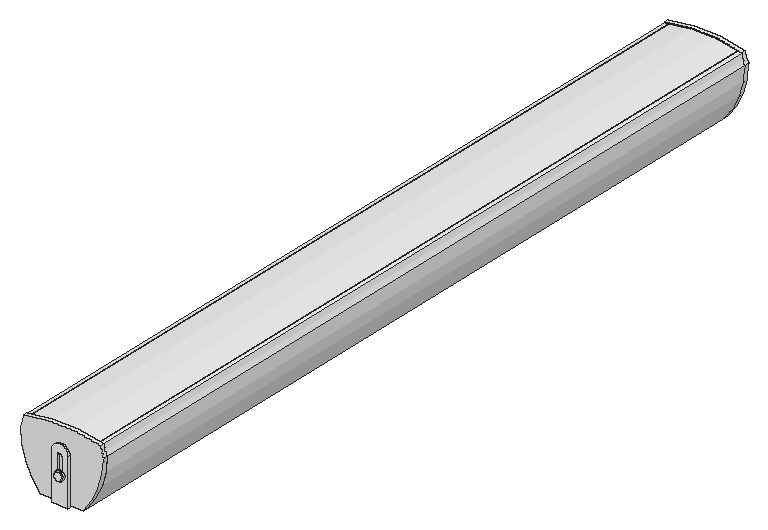
Revit family "Electronics_Desono_Biamp_Two-Way-Column-Loudspeaker_COLW81", category Communication Devices, host Face, Revit 2020
Family settings
  Host = Face
  Maintain Annotation Orientation = No
  Round Connector Dimension = Use Diameter
  Part Type = Normal
  OmniClass Number = 23.85.10.11.14.14.14
  OmniClass Title = Loudspeakers
  Cut with Voids When Loaded = No
  Shared = No
  Room Calculation Point = No
Parameters (values of type "COLW81")
  Width = 0' - 3.93701"  # constant formula
  Weight = 14.771 lbf  # constant formula
  URL = "https://www.biamp.com/"
  Transformer = "70V: 80W, 40W, 20W, 15W; 100V: 80W, 40W, 30W"  # constant formula
  Transducers = "LF 8 x 3.3 (84 mm) coated paper cone HF 1 x 1 (25 mm) soft dome"  # constant formula
  Shipping Weight = 15.60 lbf  # constant formula
  Rotate angle [instance] = 0.00°
  Recommended Amplifers = "80W - 160W @ 8Ω (25V - 36V)"  # constant formula
  Product data url = "https://www.bimobject.com/biamp/product/colw81_desono-column"
  Product Page URL = "https://www.biamp.com/products/product-families/desono/column-loudspeakers#colw81"
  Product Documentation Link = "https://downloads.biamp.com/assets/docs/default-source/data-sheets/biamp_data_sheet_desono_colw81_jun21.pdf"
  Operating Range (-10dB) = "165 Hz to 17 kHz"  # constant formula
  Operating Mode = "Passive"  # constant formula
  Operating Environment = "Indoor/Outdoor"  # constant formula
  Offset [instance] = 0' - 0"
  Nominal Sensitivity @ 1m = "1W - 97dB; 2.83V - 97dB"  # constant formula
  Nominal Maximum SPL @ 1m = "Peak - 122dB; Continuous - 116dB"  # constant formula
  Nominal Beamwidth (H x V) = "100° x 10°"  # constant formula
  Nom rotate angle [instance] = if(and(Nom offset = 0' 0", Rotate angle = 0.00°), 0.00°, if(and(Nom offset = 0' 0 5/128", or(Rotate angle < -5.00°, Rotate angle = -5.00°)), -5.00°, if(and(Nom offset = 0' 0 5/128", and(Rotate angle > -5.00°, Rotate angle < 5.00°)), Rotate angle, if(and(Nom offset = 0' 0 5/128", or(Rotate angle > 5.00°, Rotate angle = 5.00°)), 5.00°, if(and(and(Nom offset > 0' 0 5/128", Nom offset < 0' 0 5/32"), or(Rotate angle < -10.00°, Rotate angle = -10.00°)), -10.00°, if(and(and(Nom offset > 0' 0 5/128", Nom offset < 0' 0 5/32"), and(Rotate angle > -10.00°, Rotate angle < 10.00°)), Rotate angle, if(and(and(Nom offset > 0' 0 5/128", Nom offset < 0' 0 5/32"), or(Rotate angle > 10.00°, Rotate angle = 10.00°)), 10.00°, if(and(Nom offset = 0' 0 5/32", or(Rotate angle < -15.00°, Rotate angle = -15.00°)), -15.00°, if(and(Nom offset = 0' 0 5/32", and(Rotate angle > -15.00°, Rotate angle < 15.00°)), Rotate angle, if(and(Nom offset = 0' 0 5/32", or(Rotate angle > 15.00°, Rotate angle = 15.00°)), 15.00°, if(and(and(Nom offset > 0' 0 5/32", Nom offset < 0' 0 81/256"), or(Rotate angle < -20.00°, Rotate angle = -20.00°)), -20.00°, if(and(and(Nom offset > 0' 0 5/32", Nom offset < 0' 0 81/256"), and(Rotate angle > -20.00°, Rotate angle < 20.00°)), Rotate angle, if(and(and(Nom offset > 0' 0 5/32", Nom offset < 0' 0 81/256"), or(Rotate angle > 20.00°, Rotate angle = 20.00°)), 20.00°, if(and(Nom offset = 0' 0 81/256", or(Rotate angle < -25.00°, Rotate angle = -25.00°)), -25.00°, if(and(Nom offset = 0' 0 81/256", and(Rotate angle > -25.00°, Rotate angle < 25.00°)), Rotate angle, if(and(Nom offset = 0' 0 81/256", or(Rotate angle > 25.00°, Rotate angle = 25.00°)), 25.00°, if(and(Nom offset = 0' 0 91/256", or(Rotate angle < -60.00°, Rotate angle = -60.00°)), -60.00°, if(and(Nom offset = 0' 0 91/256", and(Rotate angle > -60.00°, Rotate angle < 60.00°)), Rotate angle, if(and(Nom offset = 0' 0 91/256", or(Rotate angle > 60.00°, Rotate angle = 60.00°)), 60.00°, if(and(Nom offset = 0' 0 101/256", or(Rotate angle < -65.00°, Rotate angle = -65.00°)), -65.00°, if(and(Nom offset = 0' 0 101/256", and(Rotate angle > -65.00°, Rotate angle < 65.00°)), Rotate angle, if(and(Nom offset = 0' 0 101/256", or(Rotate angle > 65.00°, Rotate angle = 65.00°)), 65.00°, if(and(Nom offset = 0' 0 111/256", or(Rotate angle < -70.00°, Rotate angle = -70.00°)), -70.00°, if(and(Nom offset = 0' 0 111/256", and(Rotate angle > -70.00°, Rotate angle < 70.00°)), Rotate angle, if(and(Nom offset = 0' 0 111/256", or(Rotate angle > 70.00°, Rotate angle = 70.00°)), 70.00°, if(and(Nom offset = 0' 0 121/256", or(Rotate angle < -75.00°, Rotate angle = -75.00°)), -75.00°, if(and(Nom offset = 0' 0 121/256", and(Rotate angle > -75.00°, Rotate angle < 75.00°)), Rotate angle, if(and(Nom offset = 0' 0 121/256", or(Rotate angle > 75.00°, Rotate angle = 75.00°)), 75.00°, if(and(and(Nom offset > 0' 0 121/256", Nom offset < 0' 0 151/256"), or(Rotate angle < -80.00°, Rotate angle = -80.00°)), -80.00°, if(and(and(Nom offset > 0' 0 121/256", Nom offset < 0' 0 151/256"), and(Rotate angle > -80.00°, Rotate angle < 80.00°)), Rotate angle, if(and(and(Nom offset > 0' 0 121/256", Nom offset < 0' 0 151/256"), or(Rotate angle > 80.00°, Rotate angle = 80.00°)), 80.00°, if(and(and(Nom offset > 0' 0 141/256", Nom offset < 0' 0 181/256"), or(Rotate angle < -85.00°, Rotate angle = -85.00°)), -85.00°, if(and(and(Nom offset > 0' 0 141/256", Nom offset < 0' 0 181/256"), and(Rotate angle > -85.00°, Rotate angle < 85.00°)), Rotate angle, if(and(and(Nom offset > 0' 0 141/256", Nom offset < 0' 0 181/256"), or(Rotate angle > 85.00°, Rotate angle = 85.00°)), 85.00°, if(and(and(Nom offset > 0' 0 171/256", Nom offset < 0' 0 209/256"), or(Rotate angle < -90.00°, Rotate angle = -90.00°)), -90.00°, if(and(and(Nom offset > 0' 0 171/256", Nom offset < 0' 0 209/256"), and(Rotate angle > -90.00°, Rotate angle < 90.00°)), Rotate angle, if(and(and(Nom offset > 0' 0 171/256", Nom offset < 0' 0 209/256"), or(Rotate angle > 90.00°, Rotate angle = 90.00°)), 90.00°, 0.00°)))))))))))))))))))))))))))))))))))))  # 0.00°
  Nom offset [instance] = if(or(Offset < 0' 0", Offset = 0' 0"), 0' 0", if(and(Offset > 0' 0", Offset < 0' 0 13/16"), Offset, if(or(Offset > 0' 0 13/16", Offset = 0' 0 13/16"), 0' 0 13/16", 0' 0")))  # 0' - 0"
  Mounting Provisions = "Adjustable tilt L-bracket"  # constant formula
  Model = "COLW81"  # constant formula
  Manufacturer = "Biamp"  # constant formula
  Input Connection = "Multi-position pass-through, screw-down terminal block"  # constant formula
  Housing Material = Biamp - Plastic - White
  Height = 3' - 2.34646"  # constant formula
  Grill Material = Biamp - Plastic - White(Grid)
  Environmental = "IP66 per IEC 60529"  # constant formula
  Description = "Desono™ COLW81 Two-Way 8 x 3.3 Column Loudspeaker"  # constant formula
  Depth = 0' - 3.26772"  # constant formula
  Default Elevation = 4' - 0"
  Controls = "None; select transformer tap or low impedance input via terminal block wiring"  # constant formula
  Continuous Power Handling Nominal Impedance = "25V; 80W @ 8Ω (320W peak)"  # constant formula
  Connector Description = "Terminal block; Low impedance 8 ohms, 70V/100V operation"  # constant formula
  Bracket Material = Biamp - Metal - White
Reference planes (in)
  plane 1 "Center (Front/Back)": y = 0
  plane 2: z = 0
  plane 3 "Center (Left/Right)": x = 0
  plane 4: z = 1.28516
  plane 5: z = 1.28516
Forms (in)
  Sweep 1, solid, material "Biamp - Metal - White" <- "Bracket Material", detail levels coarse
    path origin (0, 0, 0) x (1, 0, 0) y (0, 1, 0)
      loop
        line (0.3937, 0) -> (-0.3937, 0)
    profile origin (0, 0, 0) x (0, -1, 0) y (0, 0, 1)
      loop
        line (-19.29134, 0) -> (-16.22047, 0) -> (-16.22047, 0.07874) -> (-19.2126, 0.07874) -> (-19.2126, 2.61565) -> (-19.29134, 2.61565) -> (-19.29134, 0)
      loop
        line (19.29134, 0) -> (19.29134, 2.61565) -> (19.2126, 2.61565) -> (19.2126, 0.07874) -> (16.22047, 0.07874) -> (16.22047, 0) -> (19.29134, 0)
  Sweep 2, solid, material "Biamp - Metal - White" <- "Bracket Material", detail levels medium+fine
    path origin (0, 0, 0) x (1, 0, 0) y (0, 1, 0)
      loop
        line (0.3937, 0) -> (-0.3937, 0)
    profile origin (0, 0, 0) x (0, -1, 0) y (0, 0, 1)
      loop
        line (-19.29134, 0) -> (-16.22047, 0) -> (-16.22047, 0.07874) -> (-19.2126, 0.07874) -> (-19.2126, 2.61565) -> (-19.29134, 2.61565) -> (-19.29134, 0)
      loop
        line (19.29134, 0) -> (19.29134, 2.61565) -> (19.2126, 2.61565) -> (19.2126, 0.07874) -> (16.22047, 0.07874) -> (16.22047, 0) -> (19.29134, 0)
  Sweep 3, void
    path origin (0, 0, 0) x (1, 0, 0) y (0, 1, 0)
      loop
        line (0, -19.37008) -> (0, 19.37008)
    profile origin (0, 0, 0) x (-1, 0, 0) y (0, 0, 1)
      loop
        line (0.3937, 2.22195) -> (0.7874, 2.73406) -> (-0.7874, 2.73406) -> (-0.3937, 2.22195)
        arc (-0.3937, 2.22195) -> (0, 2.61565) -> (0.3937, 2.22195) r 0.3937
  Sweep 4, void
    path origin (0, 0, 0) x (1, 0, 0) y (0, 1, 0)
      loop
        line (0, -19.37008) -> (0, 19.37008)
    profile origin (0, 0, 0) x (-1, 0, 0) y (0, 0, 1)
      loop
        line (0.11834, 1.25419) -> (0.11834, 2.12889)
        arc (0.11834, 2.12889) -> (0, 2.24723) -> (-0.11834, 2.12889) r 0.11834
        line (-0.11834, 2.12889) -> (-0.11834, 1.25419)
        arc (-0.11834, 1.25419) -> (0, 1.13584) -> (0.11834, 1.25419) r 0.11834
  Revolve 5, solid, material "Biamp - Metal - White" <- "Bracket Material"
    sketch origin (0, 0, 0) x (0, 1, 0) y (0, 0, 1)
      loop
        line (19.07191, 1.28516) -> (19.35827, 1.28516) -> (19.35827, 1.50524) -> (19.29134, 1.50524) -> (19.29134, 1.34602) -> (19.07191, 1.34602) -> (19.07191, 1.28516)
      loop
        line (-19.07191, 1.28516) -> (-19.07191, 1.34602) -> (-19.29134, 1.34602) -> (-19.29134, 1.50524) -> (-19.35827, 1.50524) -> (-19.35827, 1.28516) -> (-19.07191, 1.28516)
      axis (-19.35827, 1.28516) -> (19.35827, 1.28516)
    angle from 0 to 360
  Sweep 6, solid, material "Biamp - Metal - White" <- "Bracket Material", detail levels medium+fine
    path origin (0, 11.22047, 0) x (0, 1, 0) y (0, 0, 1)
      loop
        line (8.13779, 1.28516) -> (8.21091, 1.28516)
    profile origin (0, 19.39483, 1.28516) x (0, 0, 1) y (1, 0, 0)
      loop
        line (0.05002, 0.18667) -> (-0.13665, 0.13665) -> (-0.18667, -0.05002) -> (-0.05002, -0.18667) -> (0.13665, -0.13665) -> (0.18667, 0.05002) -> (0.05002, 0.18667)
  Sweep 7, solid, material "Biamp - Metal - White" <- "Bracket Material", detail levels medium+fine
    path origin (0, -11.22047, 0) x (0, -1, 0) y (0, 0, 1)
      loop
        line (8.13779, 1.28516) -> (8.21091, 1.28516)
    profile origin (0, -19.39483, 1.28516) x (0, 0, -1) y (1, 0, 0)
      loop
        line (-0.05002, 0.18667) -> (-0.18667, 0.05002) -> (-0.13665, -0.13665) -> (0.05002, -0.18667) -> (0.18667, -0.05002) -> (0.13665, 0.13665) -> (-0.05002, 0.18667)
Cuts and joins
  Sweep 3, Sweep 4 cuts Sweep 2
  Sweep 4 cuts Sweep 1
Lines and regions (in)
  Masking region 1
    outline origin (0, 0, 0) x (1, 0, 0) y (0, 0, 1)
      loop
        line (-0.3937, 0) -> (0.3937, 0) -> (0.3937, 2.22195)
        arc (0.3937, 2.22195) -> (0, 2.61565) -> (-0.3937, 2.22195) r 0.3937
        line (-0.3937, 2.22195) -> (-0.3937, 0)
      loop
        line (0.11834, 1.25419) -> (0.11834, 2.12889)
        arc (0.11834, 2.12889) -> (0, 2.24723) -> (-0.11834, 2.12889) r 0.11834
        line (-0.11834, 2.12889) -> (-0.11834, 1.25419)
        arc (-0.11834, 1.25419) -> (0, 1.13584) -> (0.11834, 1.25419) r 0.11834
  Masking region 2
    outline origin (0, 8.52362, 0) x (1, 0, 0) y (0, 1, 0)
      loop
        line (-0.3937, 10.84646) -> (-0.3937, 7.77559) -> (0.3937, 7.77559) -> (0.3937, 10.84646) -> (-0.3937, 10.84646)
      loop
        line (-0.3937, -27.8937) -> (0.3937, -27.8937) -> (0.3937, -24.82283) -> (-0.3937, -24.82283) -> (-0.3937, -27.8937)
  Masking region 3
    outline origin (0, 0, 0) x (1, 0, 0) y (0, 0, 1)
      loop
        circle (0, 1.28516) r 0.22008
  reference lines
    curve 1: line (0, 0, 1.28516) -> (0, 0, 4.82846)
Dimensions and locks (in)
  Masking region 1 sketch curve to Masking region 1 sketch curve = 0' - 2.22195"
  plane 2 to Masking region 1 sketch curve = 0' - 1.25419"
  "Nom offset": plane 4 to plane 5
  "Nom rotate angle": angle curve 1 to plane 3 "Center (Left/Right)"
  aligned and locked: plane 2 to host face
  aligned and locked: level to host face
  aligned and locked: plane 3 "Center (Left/Right)" to curve 1
  aligned and locked: plane 4 to curve 1
  aligned and locked: Sweep 7 sketch curve to plane 4
Automatic sketch dimensions
  host sketch curve to host sketch curve = 8' - 0"  (x2)
  plane 1 "Center (Front/Back)" to Sweep 1 sketch curve = 0' - 0"
  Sweep 1 sketch curve to plane 3 "Center (Left/Right)" = 0' - 0.3937"
  plane 3 "Center (Left/Right)" to Sweep 1 sketch curve = 0' - 0.3937"
  level to Sweep 1 sketch curve = 0' - 0"
  Sweep 1 sketch curve to level = 0' - 0"
  level to Sweep 1 sketch curve = 0' - 2.61565"
  profile plane to Sweep 1 sketch curve = 1' - 7.29134"
  Sweep 1 sketch curve to Sweep 1 sketch curve = 0' - 0.07874"  (x2)
  level to Sweep 1 sketch curve = 0' - 0.07874"  (x2)
  Sweep 1 sketch curve to Sweep 1 sketch curve = 0' - 2.99213"  (x2)
  Sweep 1 sketch curve to profile plane = 1' - 4.22047"
  Sweep 1 sketch curve to Sweep 1 sketch curve = 0' - 2.53691"
  plane 1 "Center (Front/Back)" to Sweep 2 sketch curve = 0' - 0"
  Sweep 2 sketch curve to plane 3 "Center (Left/Right)" = 0' - 0.3937"
  plane 3 "Center (Left/Right)" to Sweep 2 sketch curve = 0' - 0.3937"
  Sweep 2 sketch curve to level = 0' - 0"  (x2)
  level to Sweep 2 sketch curve = 0' - 2.61565"
  profile plane to Sweep 2 sketch curve = 1' - 7.29134"
  Sweep 2 sketch curve to Sweep 2 sketch curve = 0' - 0.07874"  (x2)
  level to Sweep 2 sketch curve = 0' - 0.07874"  (x2)
  Sweep 2 sketch curve to Sweep 2 sketch curve = 0' - 2.99213"  (x2)
  Sweep 2 sketch curve to profile plane = 1' - 4.22047"
  Sweep 2 sketch curve to Sweep 2 sketch curve = 0' - 2.53691"
  Sweep 3 sketch curve to profile plane = 0' - 0"
  profile plane to Sweep 3 sketch curve = 0' - 0.3937"
  Sweep 3 sketch curve to Sweep 3 sketch curve = 0' - 0.3937"  (x2)
  level to Sweep 3 sketch curve = 0' - 2.22195"
  Sweep 3 sketch curve to Sweep 3 sketch curve = 0' - 0.51211"
  Sweep 4 sketch curve to plane 3 "Center (Left/Right)" = 0' - 0"
  plane 1 "Center (Front/Back)" to Sweep 4 sketch curve = 1' - 7.37008"
  Sweep 4 sketch curve to plane 1 "Center (Front/Back)" = 1' - 7.37008"
  Sweep 4 sketch curve to profile plane = 0' - 0"
  profile plane to Sweep 4 sketch curve = 0' - 0.11834"
  level to Sweep 4 sketch curve = 0' - 1.25419"
  Sweep 4 sketch curve to Sweep 4 sketch curve = 0' - 0.8747"
  Revolve 5 sketch curve to plane 4 = 0' - 0"  (x3)
  plane 1 "Center (Front/Back)" to Revolve 5 sketch curve = 1' - 7.35827"
  Revolve 5 sketch curve to Revolve 5 sketch curve = 0' - 0.06693"  (x2)
  Revolve 5 sketch curve to Revolve 5 sketch curve = 0' - 0.21943"  (x2)
  Revolve 5 sketch curve to plane 1 "Center (Front/Back)" = 1' - 7.07191"
  plane 4 to Revolve 5 sketch curve = 0' - 0.06086"  (x2)
  Revolve 5 sketch curve to Revolve 5 sketch curve = 0' - 0.15922"  (x2)
  Revolve 5 sketch curve to Revolve 5 sketch curve = 0' - 11.35538"
  Revolve 5 sketch curve to Revolve 5 sketch curve = 0' - 11.05118"
  Sweep 6 sketch curve to plane 4 = 0' - 0"
  Sweep 6 sketch curve to plane 1 "Center (Front/Back)" = 1' - 7.35827"
  Sweep 6 sketch curve to Sweep 6 sketch curve = 0' - 0.07312"
  Sweep 6 sketch curve to plane 3 "Center (Left/Right)" = 0' - 0.05002"
  profile plane to Sweep 6 sketch curve = 0' - 0.18667"
  profile plane to Sweep 6 sketch curve = 0' - 0.13665"
  profile plane to Sweep 6 sketch curve = 0' - 0.05002"
  Sweep 6 sketch curve to profile plane = 0' - 0.05002"
  Sweep 6 sketch curve to profile plane = 0' - 0.13665"
  plane 3 "Center (Left/Right)" to Sweep 6 sketch curve = 0' - 0.05002"
  Sweep 6 sketch curve to profile plane = 0' - 0.18667"
  Sweep 6 sketch curve to plane 3 "Center (Left/Right)" = 0' - 0.13665"
  Sweep 6 sketch curve to plane 3 "Center (Left/Right)" = 0' - 0.18667"
  plane 3 "Center (Left/Right)" to Sweep 6 sketch curve = 0' - 0.13665"
  plane 3 "Center (Left/Right)" to Sweep 6 sketch curve = 0' - 0.18667"
  Sweep 7 sketch curve to plane 1 "Center (Front/Back)" = 1' - 7.35827"
  Sweep 7 sketch curve to Sweep 7 sketch curve = 0' - 0.07312"
  plane 3 "Center (Left/Right)" to Sweep 7 sketch curve = 0' - 0.05002"
  profile plane to Sweep 7 sketch curve = 0' - 0.18667"
  profile plane to Sweep 7 sketch curve = 0' - 0.13665"
  profile plane to Sweep 7 sketch curve = 0' - 0.05002"
  Sweep 7 sketch curve to profile plane = 0' - 0.05002"
  Sweep 7 sketch curve to profile plane = 0' - 0.13665"
  Sweep 7 sketch curve to plane 3 "Center (Left/Right)" = 0' - 0.05002"
  Sweep 7 sketch curve to profile plane = 0' - 0.18667"
  Sweep 7 sketch curve to plane 3 "Center (Left/Right)" = 0' - 0.13665"
  Sweep 7 sketch curve to plane 3 "Center (Left/Right)" = 0' - 0.18667"
  plane 3 "Center (Left/Right)" to Sweep 7 sketch curve = 0' - 0.13665"
  plane 3 "Center (Left/Right)" to Sweep 7 sketch curve = 0' - 0.18667"
  Masking region 1 sketch curve to level = 0' - 0"
  Masking region 1 sketch curve to plane 3 "Center (Left/Right)" = 0' - 0.3937"
  Masking region 1 sketch curve to plane 3 "Center (Left/Right)" = 0' - 0"  (x2)
  Sweep 3 sketch curve to plane 3 "Center (Left/Right)" = 0' - 0"
  plane 1 "Center (Front/Back)" to Sweep 3 sketch curve = 1' - 7.37008"
  Sweep 3 sketch curve to plane 1 "Center (Front/Back)" = 1' - 7.37008"
  Masking region 2 sketch curve to plane 3 "Center (Left/Right)" = 0' - 0.3937"  (x2)
  plane 3 "Center (Left/Right)" to Masking region 2 sketch curve = 0' - 0.3937"  (x2)
  plane 1 "Center (Front/Back)" to Masking region 2 sketch curve = 1' - 7.37008"
  Masking region 2 sketch curve to Masking region 2 sketch curve = 0' - 3.07087"  (x2)
  Masking region 2 sketch curve to plane 1 "Center (Front/Back)" = 1' - 4.29921"
  Masking region 1 sketch curve to Masking region 1 sketch curve = 0' - 0.11834"
  Masking region 1 sketch curve to Masking region 1 sketch curve = 0' - 0.09306"
  Masking region 3 sketch curve to plane 3 "Center (Left/Right)" = 0' - 0"
  Masking region 3 sketch curve to plane 4 = 0' - 0"
  radius of Masking region 3 sketch curve = 0' - 0.22008"
Nested families (in)
  nested 1: "COLW81" at (0, 0, 0.09596), Housing Material <- "Housing Material", Grill <- "Grill Material", type "COLW81"
    with Housing Material Biamp - Plastic - White, Grill Biamp - Plastic - White(Grid)
Connectors (in)
  electrical at (0.00001, -12.30315, 0.14318), driven by "Connector Description"
    settings: on nested 1, index 1, voltage 0 V, apparent load 0 VA, apparent load phase1 0 VA, apparent load phase2 0 VA, apparent load phase3 0 VA, power factor 1, load classification "Other", number of poles 1, system type 5, power factor state 1, is connector primary yes, connector utility no, sub classification motor no, connector description "Terminal block; Low impedance 8 ohms, 70V/100V operation"
Definition of nested family "COLW81"
  Parameters (values of type "COLW81")
    Housing Material [instance] = none
    Grill [instance] = none
    Default Elevation = 4' - 0"
  Reference planes (in)
    plane 1 "Center (Front/Back)": y = 0
    plane 2: z = 0
    plane 3 "Center (Left/Right)": x = 0
  Forms (in)
    Extrusion 1, solid, material <- "Housing Material", detail levels medium+fine
      sketch origin (0, 0, 0) x (1, 0, 0) y (0, 0, 1)
        loop
          arc (1.9773, 2.53036) -> (1.88361, 2.76863) -> (1.8368, 3.02034) r 1.34432
          arc (1.8368, 3.02034) -> (0, 3.25102) -> (-1.8368, 3.02034) r 7.42829
          arc (-1.8368, 3.02034) -> (-1.88361, 2.76863) -> (-1.9773, 2.53036) r 1.34432
          arc (-1.9773, 2.53036) -> (-1.73064, 1.17745) -> (-1.02013, 0) r 3.81351
          line (-1.02013, 0) -> (1.02013, 0)
          arc (1.02013, 0) -> (1.73064, 1.17745) -> (1.9773, 2.53036) r 3.81351
      from -18.97638 to 18.97638
    Extrusion 2, solid, material <- "Housing Material", detail levels medium+fine
      sketch origin (0, 0, 0) x (1, 0, 0) y (0, 0, 1)
        loop
          arc (1.9773, 2.53036) -> (1.87854, 2.7868) -> (1.83399, 3.05797) r 1.34432
          arc (1.83399, 3.05797) -> (0, 3.28793) -> (-1.83399, 3.05797) r 7.42829
          arc (-1.83399, 3.05797) -> (-1.87854, 2.7868) -> (-1.9773, 2.53036) r 1.34432
          arc (-1.9773, 2.53036) -> (-1.73064, 1.17745) -> (-1.02013, 0) r 3.81351
          line (-1.02013, 0) -> (1.02013, 0)
          arc (1.02013, 0) -> (1.73064, 1.17745) -> (1.9773, 2.53036) r 3.81351
      from 18.97638 to 19.17323
    Extrusion 3, solid, material <- "Housing Material", detail levels medium+fine
      sketch origin (0, 0, 0) x (1, 0, 0) y (0, 0, 1)
        loop
          line (-1.02013, 0) -> (1.02013, 0)
          arc (1.02013, 0) -> (1.73064, 1.17745) -> (1.9773, 2.53036) r 3.81351
          arc (1.9773, 2.53036) -> (1.87854, 2.7868) -> (1.83399, 3.05797) r 1.34432
          arc (1.83399, 3.05797) -> (0, 3.28793) -> (-1.83399, 3.05797) r 7.42829
          arc (-1.83399, 3.05797) -> (-1.87854, 2.7868) -> (-1.9773, 2.53036) r 1.34432
          arc (-1.9773, 2.53036) -> (-1.73064, 1.17745) -> (-1.02013, 0) r 3.81351
      from -19.17323 to -18.97638
    Extrusion 4, solid, material <- "Housing Material", detail levels coarse
      sketch origin (0, 0, 0) x (1, 0, 0) y (0, 0, 1)
        loop
          arc (1.9773, 2.53036) -> (1.88361, 2.76863) -> (1.8368, 3.02034) r 1.34432
          arc (1.8368, 3.02034) -> (0, 3.25102) -> (-1.8368, 3.02034) r 7.42829
          arc (-1.8368, 3.02034) -> (-1.88361, 2.76863) -> (-1.9773, 2.53036) r 1.34432
          arc (-1.9773, 2.53036) -> (-1.73064, 1.17745) -> (-1.02013, 0) r 3.81351
          line (-1.02013, 0) -> (1.02013, 0)
          arc (1.02013, 0) -> (1.73064, 1.17745) -> (1.9773, 2.53036) r 3.81351
      from -19.17323 to 19.17323
    Extrusion 5, void
      sketch origin (0, 0, 0) x (1, 0, 0) y (0, 1, 0)
        loop
          line (-1.63995, -18.97638) -> (1.63995, -18.97638) -> (1.63995, 18.97638) -> (-1.63995, 18.97638) -> (-1.63995, -18.97638)
      from 2.94063 to 3.58187
    Extrusion 6, solid, material <- "Grill", detail levels medium+fine
      sketch origin (0, -19.17323, 0) x (1, 0, 0) y (0, 0, 1)
        loop
          arc (1.63995, 3.06773) -> (0, 3.25102) -> (-1.63995, 3.06773) r 7.42829
          line (-1.63995, 3.06773) -> (-1.63995, 2.98698)
          arc (-1.63995, 2.98698) -> (0, 3.17228) -> (1.63995, 2.98698) r 7.34955
          line (1.63995, 2.98698) -> (1.63995, 3.06773)
      from -38.14961 to -0.19685
    Extrusion 7, void
      sketch origin (-0.71874, -6.49606, 0) x (-1, 0, 0) y (0, -1, 0)
        loop
          circle (-0.71875, 5.80709) r 0.19685
      from 0 to 0.04722
  Cuts and joins
    Extrusion 5, Extrusion 7 cuts Extrusion 1
    Extrusion 7 cuts Extrusion 4
    Extrusion 7 cuts Extrusion 6
  Lines and regions (in)
    Masking region 1
      outline origin (0, 0, 0) x (1, 0, 0) y (0, 1, 0)
        loop
          line (-1.9773, 19.17323) -> (-1.9773, 18.97638) -> (1.9773, 18.97638) -> (1.9773, 19.17323) -> (-1.9773, 19.17323)
        loop
          line (-1.9773, -18.97638) -> (-1.9773, -19.17323) -> (1.9773, -19.17323) -> (1.9773, -18.97638) -> (-1.9773, -18.97638)
    Masking region 2
      outline origin (0, 0, 0) x (1, 0, 0) y (0, 1, 0)
        loop
          line (-1.8368, 18.97638) -> (-1.8368, -18.97638) -> (1.8368, -18.97638) -> (1.8368, 18.97638) -> (-1.8368, 18.97638)
    Masking region 3
      outline origin (0, 0, 0) x (1, 0, 0) y (0, 1, 0)
        loop
          line (-1.9773, 18.97638) -> (-1.9773, -18.97638) -> (1.9773, -18.97638) -> (1.9773, 18.97638) -> (-1.9773, 18.97638)
    Masking region 4
      outline origin (0, 0, 0) x (1, 0, 0) y (0, 0, 1)
        loop
          arc (-1.9773, 2.53036) -> (-1.73064, 1.17745) -> (-1.02013, 0) r 3.81351
          line (-1.02013, 0) -> (1.02013, 0)
          arc (1.02013, 0) -> (1.73064, 1.17745) -> (1.9773, 2.53036) r 3.81351
          arc (1.9773, 2.53036) -> (1.87854, 2.7868) -> (1.83399, 3.05797) r 1.34432
          arc (1.83399, 3.05797) -> (0, 3.28793) -> (-1.83399, 3.05797) r 7.42829
          arc (-1.83399, 3.05797) -> (-1.87854, 2.7868) -> (-1.9773, 2.53036) r 1.34432
  Dimensions and locks (in)
    aligned and locked: level to plane 2
